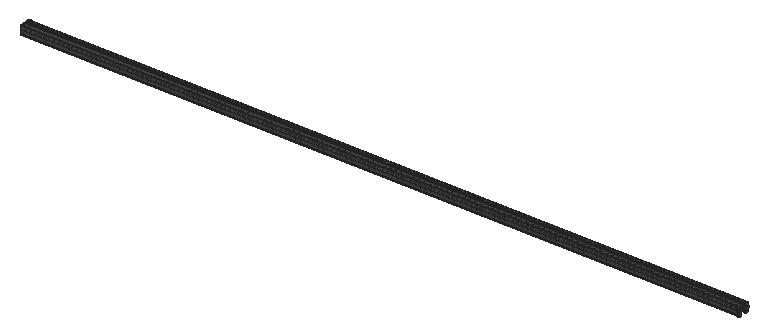
Revit family "AG_GM_GLYDEA", category Generic Models, Revit 2024
Family settings
  Can host rebar = No
  Round Connector Dimension = Use Diameter
  Part Type = Normal
  Work Plane-Based = No
  Always vertical = Yes
  Cut with Voids When Loaded = No
  Maintain Annotation Orientation = No
  Shared = No
  Room Calculation Point = No
Parameters (values of type "GLYDEA")
  Weight (g) [instance] = 529 * (Length / 1000)  # 1058 mm
  Wall mounting [instance] = "30mm, 50mm, 70mm, 90mm, 120mm, 140mm, 160mm, 190mm, 240mm"
  Operation [instance] = "Manual/Electric"
  Min. radius for bends [instance] = "300mm"
  Milling (free hand shape) [instance] = "Yes"
  Max. load (kg) [instance] = if(Length < 1001 mm, 10, if(Length < 2001 mm, 12, if(Length < 3001 mm, 15, if(Length < 4001 mm, 18, if(Length < 5001 mm, 21, 25)))))  # 12
  Max. Length (mm) [instance] = "5900"
  Length [instance] = 2000 mm
  Distance between brackets [instance] = "700mm"
  Dimensions [instance] = "25,0 x 30,6 mm"
  Default Elevation = 0 mm
  Ceiling mounting [instance] = "3mm"
  CO2 emissions (kg) [instance] = 2.42 * ([Weight (g)] / 1000)  # 2.56 mm
  Bending [instance] = "Yes"
  Base color for object [instance] = "RGB(2,4,3)"
Reference planes
  plane 1 "Center (Front/Back)": y = 0
  plane 2: z = 0
  plane 3 "Center (Left/Right)": x = 0
Forms (mm)
  Sweep 1, solid, material "Black"
    path origin (0, 0, 0) x (1, 0, 0) y (0, 1, 0)
      loop
        line (0, 0) -> (2000, 0)
    profile "AG_P_GLYDEA : AG_P_GLYDEA" origin (1000, 0, 0) x (0, 1, 0) y (0, 0, 1)
      loop
        arc (-11.834, -3) -> (-13.592, -3.65) -> (-14.503, -5.287) r 2.7
        arc (-14.503, -5.287) -> (-15.094, -10.379) -> (-15.3, -15.5) r 67.926
        arc (-15.3, -15.5) -> (-15.069, -20.93) -> (-14.405, -26.324) r 67.926
        arc (-14.405, -26.324) -> (-13.727, -27.524) -> (-12.432, -28) r 2
        line (-12.432, -28) -> (-10.91, -28)
        arc (-10.91, -28) -> (-9.86, -26.95) -> (-10.91, -25.9) r 1.05
        line (-10.91, -25.9) -> (-11.7, -25.9)
        arc (-11.7, -25.9) -> (-12.054, -25.754) -> (-12.2, -25.4) r 0.5
        line (-12.2, -25.4) -> (-12.2, -21.4)
        arc (-12.2, -21.4) -> (-11.907, -20.693) -> (-11.2, -20.4) r 1
        line (-11.2, -20.4) -> (11.2, -20.4)
        arc (11.2, -20.4) -> (11.907, -20.693) -> (12.2, -21.4) r 1
        line (12.2, -21.4) -> (12.2, -25.4)
        arc (12.2, -25.4) -> (12.054, -25.754) -> (11.7, -25.9) r 0.5
        line (11.7, -25.9) -> (10.91, -25.9)
        arc (10.91, -25.9) -> (9.86, -26.95) -> (10.91, -28) r 1.05
        line (10.91, -28) -> (12.432, -28)
        arc (12.432, -28) -> (13.727, -27.524) -> (14.405, -26.324) r 2
        arc (14.405, -26.324) -> (15.069, -20.93) -> (15.3, -15.5) r 67.926
        arc (15.3, -15.5) -> (15.094, -10.379) -> (14.503, -5.287) r 67.926
        arc (14.503, -5.287) -> (13.592, -3.65) -> (11.834, -3) r 2.7
        line (11.834, -3) -> (3.843, -3)
        arc (3.843, -3) -> (3.043, -3.8) -> (3.843, -4.6) r 0.8
        line (3.843, -4.6) -> (6.1, -4.6)
        arc (6.1, -4.6) -> (6.666, -4.834) -> (6.9, -5.4) r 0.8
        line (6.9, -5.4) -> (6.9, -8.801)
        arc (6.9, -8.801) -> (7.65, -9.551) -> (8.4, -8.801) r 0.75
        line (8.4, -8.801) -> (8.4, -5.4)
        arc (8.4, -5.4) -> (8.634, -4.834) -> (9.2, -4.6) r 0.8
        line (9.2, -4.6) -> (12.004, -4.6)
        arc (12.004, -4.6) -> (12.85, -4.95) -> (13.2, -5.796) r 1.196
        line (13.2, -5.796) -> (13.2, -7.989)
        arc (13.2, -7.989) -> (13.26, -8.427) -> (13.6, -8.71) r 0.611
        arc (13.6, -8.71) -> (14, -9.21) -> (13.6, -9.71) r 0.512
        arc (13.6, -9.71) -> (13.2, -10.21) -> (13.6, -10.71) r 0.512
        arc (13.6, -10.71) -> (14, -11.21) -> (13.6, -11.71) r 0.512
        arc (13.6, -11.71) -> (13.2, -12.21) -> (13.6, -12.71) r 0.512
        arc (13.6, -12.71) -> (14, -13.21) -> (13.6, -13.71) r 0.512
        arc (13.6, -13.71) -> (13.2, -14.21) -> (13.6, -14.71) r 0.512
        arc (13.6, -14.71) -> (14, -15.21) -> (13.6, -15.71) r 0.512
        arc (13.6, -15.71) -> (13.2, -16.21) -> (13.6, -16.71) r 0.512
        arc (13.6, -16.71) -> (14, -17.21) -> (13.6, -17.71) r 0.512
        arc (13.6, -17.71) -> (13.07, -18.183) -> (12.718, -18.8) r 2.2
        line (12.718, -18.8) -> (9.2, -18.8)
        arc (9.2, -18.8) -> (8.634, -18.566) -> (8.4, -18) r 0.8
        line (8.4, -18) -> (8.4, -14.599)
        arc (8.4, -14.599) -> (7.65, -13.849) -> (6.9, -14.599) r 0.75
        line (6.9, -14.599) -> (6.9, -18)
        arc (6.9, -18) -> (6.666, -18.566) -> (6.1, -18.8) r 0.8
        line (6.1, -18.8) -> (-6.1, -18.8)
        arc (-6.1, -18.8) -> (-6.666, -18.566) -> (-6.9, -18) r 0.8
        line (-6.9, -18) -> (-6.9, -14.599)
        arc (-6.9, -14.599) -> (-7.65, -13.849) -> (-8.4, -14.599) r 0.75
        line (-8.4, -14.599) -> (-8.4, -18)
        arc (-8.4, -18) -> (-8.634, -18.566) -> (-9.2, -18.8) r 0.8
        line (-9.2, -18.8) -> (-12.718, -18.8)
        arc (-12.718, -18.8) -> (-13.07, -18.183) -> (-13.6, -17.71) r 2.2
        arc (-13.6, -17.71) -> (-14, -17.21) -> (-13.6, -16.71) r 0.512
        arc (-13.6, -16.71) -> (-13.2, -16.21) -> (-13.6, -15.71) r 0.512
        arc (-13.6, -15.71) -> (-14, -15.21) -> (-13.6, -14.71) r 0.512
        arc (-13.6, -14.71) -> (-13.2, -14.21) -> (-13.6, -13.71) r 0.512
        arc (-13.6, -13.71) -> (-14, -13.21) -> (-13.6, -12.71) r 0.512
        arc (-13.6, -12.71) -> (-13.2, -12.21) -> (-13.6, -11.71) r 0.512
        arc (-13.6, -11.71) -> (-14, -11.21) -> (-13.6, -10.71) r 0.512
        arc (-13.6, -10.71) -> (-13.2, -10.21) -> (-13.6, -9.71) r 0.512
        arc (-13.6, -9.71) -> (-14, -9.21) -> (-13.6, -8.71) r 0.512
        arc (-13.6, -8.71) -> (-13.26, -8.427) -> (-13.2, -7.989) r 0.611
        line (-13.2, -7.989) -> (-13.2, -5.796)
        arc (-13.2, -5.796) -> (-12.85, -4.95) -> (-12.004, -4.6) r 1.196
        line (-12.004, -4.6) -> (-9.2, -4.6)
        arc (-9.2, -4.6) -> (-8.634, -4.834) -> (-8.4, -5.4) r 0.8
        line (-8.4, -5.4) -> (-8.4, -8.801)
        arc (-8.4, -8.801) -> (-7.65, -9.551) -> (-6.9, -8.801) r 0.75
        line (-6.9, -8.801) -> (-6.9, -5.4)
        arc (-6.9, -5.4) -> (-6.666, -4.834) -> (-6.1, -4.6) r 0.8
        line (-6.1, -4.6) -> (-3.843, -4.6)
        arc (-3.843, -4.6) -> (-3.043, -3.8) -> (-3.843, -3) r 0.8
        line (-3.843, -3) -> (-11.834, -3)
Dimensions and locks
  "Length": plane 3 "Center (Left/Right)" to Sweep 1 sketch curve
  aligned and locked: level to plane 2
  aligned and locked: plane 1 "Center (Front/Back)" to Sweep 1 sketch curve
  aligned and locked: plane 3 "Center (Left/Right)" to Sweep 1 sketch curve
